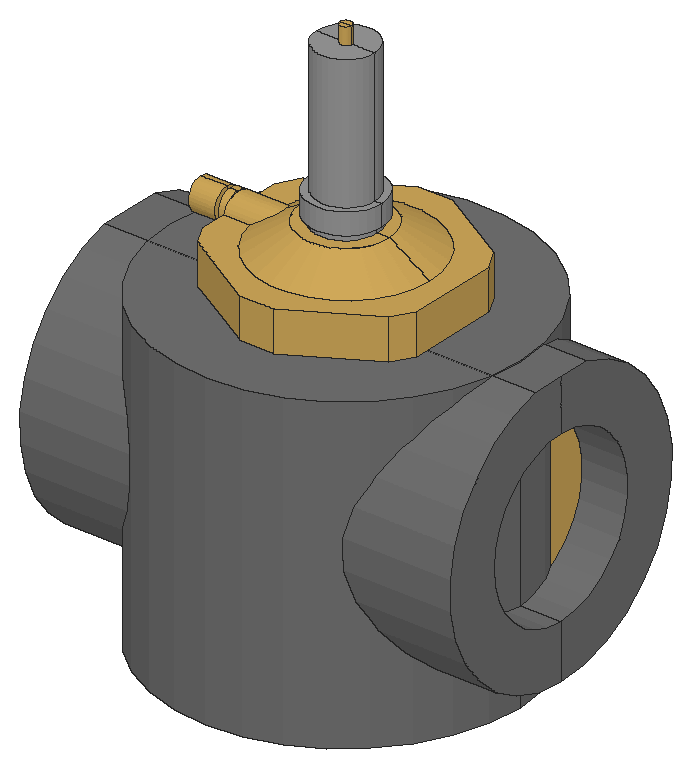
Revit family "Differenzdruckregler 4002 5-30kPa", category Rohrzubehör, Revit 2020
Family settings
  Bemaßung runder Anschluss = Durchmesser verwenden
  Teiletyp = Unterbricht
  OmniClass-Nummer = 23.65.55.14
  OmniClass-Titel = Valves for Liquid Services
  Arbeitsebenenbasiert = Nein
  Immer vertikal = Ja
  Beim Laden mit Abzugskörper schneiden = Nein
  Gemeinsam genutzt = Nein
Parameters (values of type "Mit Dämmung")
  y4 [instance] = y2 - K14  # 56.000 mm
  y3 [instance] = y2 - K14  # 56.000 mm
  y2 [instance] = K14 + K9 + H01  # 72.649 mm
  y1 [instance] = (R03 * 2) + R05  # 140.000 mm
  Vorgabe-Ansicht = 0.000 mm
  PN = 16  # constant formula
  Min. Betriebstemperatur (Frostschutz) = -20 °C  # constant formula
  Max. zulässige Betriebstemperatur bis DN32 = 130 °C  # constant formula
  Max. zulässige Betriebstemperatur DN40 - DN50 = 110 °C  # constant formula
  Max. Differenzdruck am Gehäuse = 400000.0 Pa  # constant formula
  Max. Betriebsdruck = 1600000.0 Pa  # constant formula
  Ventilschaft = "Edelstahl 14301"  # constant formula
  VRL01 = 30.000 mm  # constant formula
  V12 = 17.000 mm  # constant formula
  V10 = 16.000 mm  # constant formula
  V08 [instance] = G01 + 3.000 mm  # 38.000 mm
  V03 [instance] = G01 + 5.000 mm  # 40.000 mm
  V02 [instance] = V01 + 4.500 mm  # 29.500 mm
  V01 [instance] = Nennweite / 2  # 25.000 mm
  URL = "www.herz-armaturen.at"
  SCRNSEQ = "ARM;ARM_TYP=\"DIFR\";2"
  SCRNCODE = "05;03;4"  # constant formula
  S07 = 10.000 mm  # constant formula
  S05 [instance] = S01 - 1.000 mm  # 25.000 mm
  S04 [instance] = S02 - 1.000 mm  # 27.000 mm
  S03 [instance] = size_lookup("4002 5-30kPa", "S03", 26.500 mm, Nennweite)  # 37.700 mm
  S02 [instance] = size_lookup("4002 5-30kPa", "S02", 19.000 mm, Nennweite)  # 28.000 mm
  S01 [instance] = size_lookup("4002 5-30kPa", "S01", 14.850 mm, Nennweite)  # 26.000 mm
  Regleranschlussmutter = "Messing CW614N"  # constant formula
  Regelbereich = "5 - 30kPa"  # constant formula
  R06 [instance] = size_lookup("4002 5-30kPa", "R06", 14.500 mm, Nennweite)  # 14.500 mm
  R05 [instance] = size_lookup("4002 5-30kPa", "R05", 41.000 mm, Nennweite)  # 104.000 mm
  R04 [instance] = size_lookup("4002 5-30kPa", "R04", 12.500 mm, Nennweite)  # 14.500 mm
  R03 [instance] = size_lookup("4002 5-30kPa", "R03", 8.000 mm, Nennweite)  # 18.000 mm
  R02 = 14.500 mm  # constant formula
  R01 [instance] = size_lookup("4002 5-30kPa", "R01", 11.500 mm, Nennweite)  # 37.600 mm
  Min. Betriebstemperatur (reines Wasser) = 2 °C  # constant formula
  O-Ringe = "EPDM"  # constant formula
  Nennweite [instance] = 50.000 mm
  Membrangehäuse = "Messing CW602N"  # constant formula
  Membrane = "EPDM"  # constant formula
  Medium = "Wasserbeschaffenheit nach ÖNORM H 5195 und VDI 2035\r\nDie Verwendung von Ethylen- und Propylenglykol ist im\r\nMischungsverhältnis 25 - 50 Vol.-% zulässig."
  L07 [instance] = size_lookup("4002 5-30kPa", "L07", 28.500 mm, Nennweite)  # 70.000 mm
  L [instance] = size_lookup("4002 5-30kPa", "L", 66.000 mm, Nennweite)  # 140.000 mm
  K9 = 4.000 mm  # constant formula
  K8 = 55.000 mm  # constant formula
  K7 = 8.700 mm  # constant formula
  K6 = 11.700 mm  # constant formula
  K5 = 13.000 mm  # constant formula
  K4 = 12.000 mm  # constant formula
  K3 = 15.000 mm  # constant formula
  K2 = 2.350 mm  # constant formula
  K18 = 89.000 mm  # constant formula
  K17 = 66.700 mm  # constant formula
  K16 = 3.000 mm  # constant formula
  K15 = 26.649 mm  # constant formula
  K14 = 16.649 mm  # constant formula
  K13 = 16.649 mm  # constant formula
  K12 = 10.000 mm  # constant formula
  K11 = 35.000 mm  # constant formula
  K10 = 18.250 mm  # constant formula
  K1.1 = 2.350 mm  # constant formula
  K1 = 7.651 mm - 1.000 mm  # 6.651 mm
  J9 = 15.700 mm  # constant formula
  J8 = 7.850 mm  # constant formula
  J7 = 15.897 mm  # constant formula
  J6 = 3.900 mm  # constant formula
  J5 = 6.500 mm  # constant formula
  J4 = 1.500 mm  # constant formula
  J3 = 3.200 mm  # constant formula
  J2 = 11.000 mm  # constant formula
  J11 = 3.500 mm  # constant formula
  J10 = 18.897 mm  # constant formula
  J1 = 6.500 mm  # constant formula
  Hersteller = "HERZ-Armaturen Ges.m.b.H"  # constant formula
  H2 [instance] = size_lookup("4002 5-30kPa", "H2", 28.000 mm, Nennweite)  # 58.000 mm
  H1 [instance] = K1 + K2 + K3 + K4 + K5 + K7 + K8 + K16 + 16.650 mm  # 132.351 mm
  H04 = 4.000 mm  # constant formula
  H03 = 9.800 mm  # constant formula
  H02 [instance] = size_lookup("4002 5-30kPa", "H02", 53.000 mm, Nennweite)  # 107.000 mm
  H01 [instance] = size_lookup("4002 5-30kPa", "H01", 25.000 mm, Nennweite)  # 52.000 mm
  Gehäuse = "DZR Messing CC770S"  # constant formula
  G01 [instance] = size_lookup("4002 5-30kPa", "G01", 13.220 mm, Nennweite)  # 35.000 mm
  Einstellspindel = "Messing CW614N"  # constant formula
  Hinweise zum Material = "Gemäß Art 33 der REACH-Verordnung (EG Nr. 1907/2006) sind wir verpflichtet, darauf hinzuweisen,\r\ndass der Stoff Blei auf der SVHC-Liste geführt wird und dass alle aus Messing bestehenden Bauteile,\r\ndie in unseren Erzeugnissen verarbeitet sind, mehr als 0,1 % (w/w) Blei (CAS: 7439-92-1 / EINECS:\r\n231-100-4) enthalten. Da Blei als Legierungsbestandteil fest gebunden ist, sind keine Expositionen zu\r\nerwarten und daher sind keine zusätzlichen Angaben zur sicheren Verwendung notwendig.\r\n\r\nIm Hanf enthaltenes Ammoniak schädigt\r\nMessingventilgehäuse, EPDM Dichtungen werden durch\r\nMineralöle bzw. mineralölhaltige Schmierstoffe aufgequollen\r\nund führen somit zum Ausfall der EPDM-Dichtungen. Für\r\nFrost- und Korrosionsschutzmittel auf der Basis von Ethylen- und Propylenglykol sind die entsprechenden\r\nAngaben den Unterlagen des Herstellers zu entnehmen."
  Dämmung = yes
  Dämmschale = "EPP (expandiertes Polypropylen)"  # constant formula
  Druckfeder = "Federstahl 14310 NS"  # constant formula
  D07 [instance] = if(Nennweite = 15.000 mm, 32.000 mm, if(Nennweite = 20.000 mm, 33.000 mm, if(Nennweite = 25.000 mm, 33.000 mm, if(Nennweite = 32.000 mm, 49.000 mm, if(Nennweite = 40.000 mm, 57.560 mm, if(Nennweite = 50.000 mm, 57.560 mm, 0.000 mm))))))  # 57.560 mm
  D06 [instance] = if(Nennweite = 15.000 mm, 32.000 mm, if(Nennweite = 20.000 mm, 33.000 mm, if(Nennweite = 25.000 mm, 33.000 mm, if(Nennweite = 32.000 mm, 49.000 mm, if(Nennweite = 40.000 mm, 57.560 mm, if(Nennweite = 50.000 mm, 57.560 mm, 0.000 mm))))))  # 57.560 mm
  D05 [instance] = if(Nennweite = 15.000 mm, 36.750 mm, if(Nennweite = 20.000 mm, 40.700 mm, if(Nennweite = 25.000 mm, 49.200 mm, if(Nennweite = 32.000 mm, 54.150 mm, if(Nennweite = 40.000 mm, 60.750 mm, if(Nennweite = 50.000 mm, 72.700 mm, 0.000 mm))))))  # 72.700 mm
  D04 [instance] = if(Nennweite = 15.000 mm, 78.500 mm, if(Nennweite = 20.000 mm, 82.000 mm, if(Nennweite = 25.000 mm, 84.000 mm, if(Nennweite = 32.000 mm, 120.000 mm, if(Nennweite = 40.000 mm, 130.000 mm, if(Nennweite = 50.000 mm, 130.500 mm, 0.000 mm))))))  # 130.500 mm
  D03 [instance] = if(Nennweite = 15.000 mm, 96.000 mm, if(Nennweite = 20.000 mm, 110.000 mm, if(Nennweite = 25.000 mm, 112.000 mm, if(Nennweite = 32.000 mm, 152.000 mm, if(Nennweite = 40.000 mm, 170.000 mm, if(Nennweite = 50.000 mm, 179.000 mm, 0.000 mm))))))  # 179.000 mm
  D01 [instance] = size_lookup("4002 5-30kPa", "G01", 13.220 mm, Nennweite)  # 35.000 mm
  DN50 [instance] = Nennweite = 50.000 mm  # yes
  DN40 [instance] = Nennweite = 40.000 mm  # no
  DN32-40 [instance] = or(Nennweite = 32.000 mm, Nennweite = 40.000 mm)  # no
  DN32 [instance] = Nennweite = 32.000 mm  # no
  DN25 [instance] = Nennweite = 25.000 mm  # no
  DN20 [instance] = Nennweite = 20.000 mm  # no
  DN15-25 [instance] = or(Nennweite = 15.000 mm, Nennweite = 20.000 mm, Nennweite = 25.000 mm)  # no
  DN15,20,25,32,50 [instance] = or(Nennweite = 15.000 mm, Nennweite = 20.000 mm, Nennweite = 25.000 mm, Nennweite = 32.000 mm, Nennweite = 50.000 mm)  # yes
  DN15 [instance] = Nennweite = 15.000 mm  # no
  D02 [instance] = size_lookup("4002 5-30kPa", "R05", 41.000 mm, Nennweite)  # 104.000 mm
  Bestellnummer Dämmung [instance] = if(and(Dämmung, Nennweite = 15.000 mm), 1409611, if(and(Dämmung, Nennweite = 20.000 mm), 1409612, if(and(Dämmung, Nennweite = 25.000 mm), 1409613, if(and(Dämmung, Nennweite = 32.000 mm), 1409614, if(and(Dämmung, Nennweite = 40.000 mm), 1409615, if(and(Dämmung, Nennweite = 50.000 mm), 1409616, 0))))))  # 1409616
  Bestellnummer [instance] = size_lookup("4002 5-30kPa", "Artnr", 0, Nennweite)  # 1400246
  B2 [instance] = size_lookup("4002 5-30kPa", "B2", 31.000 mm, Nennweite)  # 41.000 mm
  B1 [instance] = size_lookup("4002 5-30kPa", "B1", 26.000 mm, Nennweite)  # 41.000 mm
  B04 = 100.649 mm  # constant formula
  B03 = 44.500 mm  # constant formula
  B02 = 104.688 mm  # constant formula
  B01 = 10.000 mm  # constant formula
  Anzeigehülse = "Kunststoff (Rot)"  # constant formula
  Anwendungsgebiet = "Der Differenzdruckregler ist ein Regler mit linearer Kennlinie in Geradsitzausführung und arbeitet ohne\r\nHilfsenergie. Der gewünschte Differenzdruck-Sollwert kann zwischen 5 und 30 kPa; 25 und 60 kPa bzw.\r\n45 und 80 kPa stufenlos eingestellt werden. Der eingestellte Wert ist mit Hilfe des Einstelldiagrammes\r\nablesbar. Werksseitig ist der Sollwert auf Minimum eingestellt. Der erforderliche Sollwert wird mit dem\r\nEinstellwerkzeug (1 4006 02) eingestellt. Im Lieferumfang enthalten ist die Impulsleitung (1000 mm),\r\ndiese ist im Vorlauf einzubinden."
  Anschlussnippel = "Messing CW602N"  # constant formula
Types (2, lengths in mm): name | Dämmung | Bestellnummer Dämmung
  Mit Dämmung | yes | 1409616
  Ohne Dämmung | no | 0
Reference planes
  plane 1 "Mitte (Vorne/hinten)": y = 0
  plane 2: z = 0
  plane 3 "Mitte (Links/rechts)": x = 0
Forms (mm)
  Revolve 1, solid, material "Messing, weicher Gelbton, geschweißt", detail levels fine
    sketch origin (0, 0, 0) x (1, 0, 0) y (0, 0, 1)
      loop
        line (-70, 0) -> (70, 0) -> (70, 35) -> (52, 35) -> (52, 37.6) -> (-52, 37.6) -> (-52, 35) -> (-70, 35) -> (-70, 0)
      axis (-70, 0) -> (70, 0)
    angle from 0 to 360
  Revolve 2, solid, material "Messing, weicher Gelbton, geschweißt", detail levels fine
    sketch origin (0, 0, 0) x (1, 0, 0) y (0, 0, 1)
      loop
        line (0, -58) -> (0, 0) -> (-27, 0) -> (-27, -48.2) -> (-28, -48.2) -> (-28, -58) -> (0, -58)
      axis (0, 0) -> (0, -58)
    angle from 0 to 360
  Extrusion 3, solid, material "Messing, weicher Gelbton, geschweißt", detail levels fine
    sketch origin (0, 0, 0) x (0, -1, 0) y (1, 0, 0)
      loop
        line (-46, -7.038) -> (-27.114, -39.75) -> (-18.886, -44.5) -> (18.886, -44.5) -> (27.114, -39.75) -> (46, -7.038) -> (46, 7.038) -> (27.114, 39.75) -> (18.886, 44.5) -> (-18.886, 44.5) -> (-27.114, 39.75) -> (-46, 7.038) -> (-46, -7.038)
    from 56 to 72.649
  Revolve 4, solid, material "Messing, weicher Gelbton, geschweißt", detail levels fine
    sketch origin (0, 0, -7.051) x (1, 0, 0) y (0, 0, 1)
      loop
        line (0, 79.7) -> (0, 89.7) -> (-18.25, 89.7) -> (-35, 79.7) -> (0, 79.7)
      axis (0, 89.7) -> (0, 79.7)
    angle from 0 to 360
  Revolve 5, solid, material "Messing, weicher Gelbton, geschweißt", visible <- "DN15-25", detail levels fine
    sketch origin (-11, 0, 0) x (1, 0, 0) y (0, 1, 0)
      loop
        line (-3.5, 41) -> (-11.2, 41) -> (-11.2, 0) -> (-3.5, 0) -> (-3.5, 41)
      axis (-3.5, 0) -> (-3.5, 41)
    angle from 0 to 360
  Revolve 6, solid, material "Messing, weicher Gelbton, geschweißt", visible <- "DN15,20,25,32,50", detail levels fine
    sketch origin (-0.988, 0, -6.853) x (-1, 0, 0) y (0, 0, 1)
      loop
        line (43.5, 78.75) -> (59.2, 78.75) -> (59.2, 85.25) -> (48.2, 85.25) -> (48.2, 82.65) -> (46.7, 82.65) -> (46.7, 85.25) -> (43.5, 85.25) -> (43.5, 78.75)
      axis (43.5, 78.75) -> (59.2, 78.75)
    angle from 0 to 360
  Extrusion 7, solid, material "Messing, weicher Gelbton, geschweißt", visible <- "DN15,20,25,32,50", detail levels fine
    sketch origin (0, 0, 0) x (0, 1, 0) y (0, 0, -1)
      loop
        line (7.85, -70.547) -> (7.85, -59.5) -> (-7.85, -59.5) -> (-7.85, -70.547)
        arc (-7.85, -70.547) -> (0, -78.397) -> (7.85, -70.547) r 7.85
    from 0 to 44.5
  Revolve 8, solid, material "Kunststoff rot", detail levels fine
    sketch origin (0, 0, 0) x (1, 0, 0) y (0, 0, 1)
      loop
        line (-12, 149.349) -> (-12, 94.349) -> (-15, 94.349) -> (-15, 85.649) -> (-13, 85.649) -> (-13, 82.649) -> (0, 82.649) -> (0, 149.349) -> (-12, 149.349)
      axis (0, 149.349) -> (0, 82.649)
    angle from 0 to 360
  Revolve 9, solid, material "Messing, weicher Gelbton, geschweißt", visible <- "DN15-25", detail levels fine
    sketch origin (-2, 0, 0) x (1, 0, 0) y (0, 1, 0)
      loop
        line (-12.5, 0) -> (-21.5, 0) -> (-21.5, -41) -> (-12.5, -41) -> (-12.5, 0)
      axis (-12.5, 0) -> (-12.5, -41)
    angle from 0 to 360
  Revolve 10, solid, material "Messing, weicher Gelbton, geschweißt", visible <- "DN15-25", detail levels fine
    sketch origin (2, 0, 0) x (1, 0, 0) y (0, 1, 0)
      loop
        line (12.5, 0) -> (12.5, -41) -> (21.6, -41) -> (21.6, 0) -> (12.5, 0)
      axis (12.5, 0) -> (12.5, -41)
    angle from 0 to 360
  Extrusion 11, solid, material "Messing, weicher Gelbton, geschweißt", visible <- "DN32", detail levels fine
    sketch origin (-31.5, 0, 0) x (1, 0, 0) y (0, 1, 0)
      loop
        circle (63, 0) r 6.578
      loop
        circle (63, 0) r 3.28
    from -47 to 0
  Extrusion 12, solid, material "Messing, weicher Gelbton, geschweißt", visible <- "DN32", detail levels fine
    sketch origin (31.5, 0, 0) x (-1, 0, 0) y (0, -1, 0)
      loop
        circle (63, 0) r 6.578
      loop
        circle (63, 0) r 3.28
    from -47 to 0
  Revolve 13, solid, material "Messing, weicher Gelbton, geschweißt", detail levels fine
    sketch origin (0, 0, 0) x (1, 0, 0) y (0, 0, 1)
      loop
        line (-25, 0) -> (0, 0) -> (0, 56) -> (-21, 56) -> (-21, 52) -> (-26, 52) -> (-26, 42.2) -> (-25, 42.2) -> (-25, 0)
      axis (0, 56) -> (0, 0)
    angle from 0 to 360
  Extrusion 14, solid, material "Messing, weicher Gelbton, geschweißt", visible <- "DN40", detail levels fine
    sketch origin (29.382, 0, 0) x (-1, 0, 0) y (0, -1, 0)
      loop
        circle (63, 0) r 6.578
      loop
        circle (63, 0) r 3.28
    from -58 to 0
  Extrusion 15, solid, material "Messing, weicher Gelbton, geschweißt", visible <- "DN40", detail levels fine
    sketch origin (-29.455, 0, 0) x (1, 0, 0) y (0, 1, 0)
      loop
        circle (63, 0) r 6.578
      loop
        circle (63, 0) r 3.28
    from -58 to 0
  Extrusion 16, solid, material "Messing, weicher Gelbton, geschweißt", visible <- "DN50", detail levels fine
    sketch origin (28.422, 0, 0) x (-1, 0, 0) y (0, -1, 0)
      loop
        circle (63, 0) r 6.578
      loop
        circle (63, 0) r 3.28
    from -58 to 0
  Extrusion 17, solid, material "Messing, weicher Gelbton, geschweißt", visible <- "DN50", detail levels fine
    sketch origin (-28.422, 0, 0) x (1, 0, 0) y (0, 1, 0)
      loop
        circle (63, 0) r 6.578
      loop
        circle (63, 0) r 3.28
    from -58 to 0
  Revolve 18, solid, material "Messing, weicher Gelbton, geschweißt", detail levels fine
    sketch origin (0, 0, 0) x (1, 0, 0) y (0, 0, 1)
      loop
        line (-2.35, 148.349) -> (0, 148.349) -> (0, 156) -> (-2.35, 156) -> (-2.35, 148.349)
      axis (0, 156) -> (0, 148.349)
    angle from 0 to 360
  Revolve 19, solid, material "Messing, weicher Gelbton, geschweißt", visible <- "DN32-40", detail levels fine
    sketch origin (-11, 0, 0) x (1, 0, 0) y (0, 1, 0)
      loop
        line (-3.5, -41) -> (-3.5, 0) -> (-11.2, 0) -> (-11.2, -41) -> (-3.5, -41)
      axis (-3.5, 0) -> (-3.5, -41)
    angle from 0 to 360
  Extrusion 20, solid, material "Messing, weicher Gelbton, geschweißt", visible <- "DN40", detail levels fine
    sketch origin (0, 0, 0) x (0, 1, 0) y (0, 0, 1)
      loop
        arc (7.85, 74.047) -> (0, 81.897) -> (-7.85, 74.047) r 7.85
        line (-7.85, 74.047) -> (-7.85, 63) -> (7.85, 63) -> (7.85, 74.047)
    from 0 to 44.5
  Revolve 21, solid, material "Messing, weicher Gelbton, geschweißt", visible <- "DN40", detail levels fine
    sketch origin (0.988, 0, -6.853) x (1, 0, 0) y (0, 0, 1)
      loop
        line (43.5, 82.25) -> (59.2, 82.25) -> (59.2, 88.75) -> (48.2, 88.75) -> (48.2, 86.15) -> (46.7, 86.15) -> (46.7, 88.75) -> (43.5, 88.75) -> (43.5, 82.25)
      axis (43.5, 82.25) -> (59.2, 82.25)
    angle from 0 to 360
  Revolve 22, solid, material "Messing, weicher Gelbton, geschweißt", not visible, detail levels fine
    sketch origin (16.501, 0, 0) x (-1, 0, 0) y (0, 0, 1)
      loop
        line (86.501, 0) -> (116.501, 0) -> (116.501, 25) -> (99.501, 25) -> (99.501, 29.5) -> (90.501, 29.5) -> (90.501, 40) -> (83.501, 40) -> (83.501, 38) -> (68.501, 38) -> (68.501, 35) -> (86.501, 35) -> (86.501, 0)
      axis (68.501, 0) -> (116.501, 0)
    angle from 0 to 360
  Revolve 23, solid, material "Messing, weicher Gelbton, geschweißt", not visible, detail levels fine
    sketch origin (-16.501, 0, 0) x (1, 0, 0) y (0, 0, 1)
      loop
        line (86.501, 0) -> (116.501, 0) -> (116.501, 25) -> (99.501, 25) -> (99.501, 29.5) -> (90.501, 29.5) -> (90.501, 40) -> (83.501, 40) -> (83.501, 38) -> (68.501, 38) -> (68.501, 35) -> (86.501, 35) -> (86.501, 0)
      axis (68.501, 0) -> (116.501, 0)
    angle from 0 to 360
  Revolve 24, solid, material "Kunststoff-Anthrazit/Schwarz", visible <- "Dämmung", detail levels fine
    sketch origin (0, 0, 0) x (1, 0, 0) y (0, 0, 1)
      loop
        line (89.5, 57.56) -> (-89.5, 57.56) -> (-89.5, 35) -> (-52, 35) -> (-52, 0) -> (0, 0) -> (52, 0) -> (52, 35) -> (89.5, 35) -> (89.5, 57.56)
      axis (-89.5, 0) -> (89.5, 0)
    angle from 0 to 360
  Revolve 25, solid, material "Kunststoff-Anthrazit/Schwarz", visible <- "Dämmung", detail levels fine
    sketch origin (0, 0, 0) x (1, 0, 0) y (0, 0, 1)
      loop
        line (0, 57.56) -> (0, -72.94) -> (72.7, -72.94) -> (72.7, 57.56) -> (0, 57.56)
      axis (0, -72.94) -> (0, 57.56)
    angle from 0 to 360
  Extrusion 26, void
    sketch origin (-250.451, -32.5, 0) x (1, 0, 0) y (0, 1, 0)
      loop
        line (153.352, -86.003) -> (360.451, -86.003) -> (360.451, 115.627) -> (153.352, 115.627) -> (153.352, -86.003)
    from 56 to 72.649
  Extrusion 27, void
    sketch origin (-295.468, -55, 0) x (1, 0, 0) y (0, 1, 0)
      loop
        line (159.813, -75.595) -> (420.468, -75.595) -> (420.468, 210) -> (159.813, 210) -> (159.813, -75.595)
    from 56 to 72.649
Cuts and joins
  Extrusion 26 cuts Revolve 24
  Extrusion 27 cuts Revolve 25
Lines and regions (mm)
  model lines, detail levels coarse+medium
    curve 1: line (70, -35, 0) -> (70, 35, 0)
    curve 2: line (70, 35, 0) -> (-70, -35, 0)
    curve 3: line (-70, -35, 0) -> (-70, 35, 0)
    curve 4: line (-70, 35, 0) -> (70, -35, 0)
    curve 5: line (0, -42, 0) -> (0, -56, 0)
    curve 6: spline (-44.5, -64.324, 0) -> (-42.984, -62.17, 0) -> (-38.538, -60.162, 0) -> (-31.466, -58.438, 0) -> (-22.25, -57.115, 0) -> (-11.517, -56.284, 0) -> (0, -56, 0) -> (11.517, -56.284, 0) -> (22.25, -57.115, 0) -> (31.466, -58.438, 0) -> (38.538, -60.162, 0) -> (42.984, -62.17, 0) -> (44.5, -64.325, 0) -> (42.984, -66.479, 0) -> (38.538, -68.487, 0) -> (31.466, -70.211, 0) -> (22.25, -71.534, 0) -> (11.517, -72.365, 0) -> (0, -72.649, 0) -> (-11.517, -72.365, 0) -> (-22.25, -71.534, 0) -> (-31.466, -70.211, 0) -> (-38.538, -68.487, 0) -> (-42.984, -66.479, 0) -> (-44.5, -64.324, 0)
    curve 7: line (-70, 0, 35) -> (-70, 0, -35)
    curve 8: line (-70, 0, -35) -> (70, 0, 35)
    curve 10: line (70, 0, -35) -> (-70, 0, 35)
    curve 11: line (0, 0, 35) -> (0, 0, 56)
    curve 12: spline (-44.5, 0, 64.325) -> (-42.984, 0, 66.479) -> (-38.538, 0, 68.487) -> (-31.466, 0, 70.211) -> (-22.25, 0, 71.534) -> (-11.517, 0, 72.365) -> (0, 0, 72.649) -> (11.517, 0, 72.365) -> (22.25, 0, 71.534) -> (31.466, 0, 70.211) -> (38.538, 0, 68.487) -> (42.984, 0, 66.479) -> (44.5, 0, 64.324) -> (42.984, 0, 62.17) -> (38.538, 0, 60.162) -> (31.466, 0, 58.438) -> (22.25, 0, 57.115) -> (11.517, 0, 56.284) -> (0, 0, 56) -> (-11.517, 0, 56.284) -> (-22.25, 0, 57.115) -> (-31.466, 0, 58.438) -> (-38.538, 0, 60.162) -> (-42.984, 0, 62.17) -> (-44.5, 0, 64.325)
    curve 13: line (0, 0, 35) -> (35, 0, 17.5)
    curve 14: line (0, 0, 35) -> (-35, 0, 17.5)
    curve 15: line (70, 0, 0) -> (100, 0, 0)
    curve 16: line (0, -42, 0) -> (-18.2, -9.1, 0)
    curve 17: line (0, -42, 0) -> (18.2, -9.1, 0)
    curve 22: line (70, 0, 35) -> (80, 0, 35)
    curve 23: line (80, 0, 35) -> (70, 0, 0)
    curve 24: line (70, 0, 0) -> (100, 0, 0)
    curve 25: line (70, 0, -35) -> (80, 0, -35)
    curve 26: line (80, 0, -35) -> (70, 0, 0)
    curve 27: line (-70, 35, 0) -> (-80, 35, 0)
    curve 28: line (-80, 35, 0) -> (-70, 0, 0)
    curve 29: line (-70, -35, 0) -> (-80, -35, 0)
    curve 30: line (-80, -35, 0) -> (-70, 0, 0)
    curve 31: line (70, -35, 0) -> (70, 35, 0)
    curve 32: line (70, 35, 0) -> (80, 35, 0)
    curve 33: line (80, 35, 0) -> (70, 0, 0)
    curve 34: line (70, -35, 0) -> (80, -35, 0)
    curve 35: line (80, -35, 0) -> (70, 0, 0)
  model lines, detail levels coarse
    curve 9: line (70, 0, 35) -> (70, 0, -35)
    curve 18: line (-70, 0, 35) -> (-80, 0, 35)
    curve 19: line (-80, 0, 35) -> (-70, 0, 0)
    curve 20: line (-70, 0, -35) -> (-80, 0, -35)
    curve 21: line (-80, 0, -35) -> (-70, 0, 0)
  model lines
    curve 36: line (0, 0, 0) -> (0, -37.5, 0)
    curve 37: line (0, 0, 0) -> (0, -61.5, 0)
Dimensions and locks
  "G01": Revolve 1 sketch curve to Revolve 1 sketch curve  (x2)
  "R01": Revolve 1 sketch curve to Revolve 1 sketch curve
  "R03": Revolve 1 sketch curve to Revolve 1 sketch curve  (x2)
  "K10": Revolve 4 sketch curve to Revolve 4 sketch curve
  "K11": Revolve 4 sketch curve to Revolve 4 sketch curve
  "B1": Revolve 5 sketch curve to Revolve 5 sketch curve
  "J1": Revolve 6 sketch curve to Revolve 6 sketch curve
  "J3": Revolve 6 sketch curve to Revolve 6 sketch curve
  "J4": Revolve 6 sketch curve to Revolve 6 sketch curve
  "J2": Revolve 6 sketch curve to Revolve 6 sketch curve
  "J5": Revolve 6 sketch curve to Revolve 6 sketch curve
  "J6": Revolve 6 sketch curve to Revolve 6 sketch curve
  "H2": plane 2 to Revolve 2 sketch curve
  "H03": Revolve 2 sketch curve to Revolve 2 sketch curve
  "S02": plane 3 "Mitte (Links/rechts)" to Revolve 2 sketch curve
  "B02": Revolve 6 to Extrusion 3
  "B03": Extrusion 3 to plane 3 "Mitte (Links/rechts)"
  "R04": Revolve 5 sketch curve to plane 3 "Mitte (Links/rechts)"
  "K4": Revolve 8 sketch curve to Revolve 8 sketch curve
  "K3": Revolve 8 sketch curve to Revolve 8 sketch curve
  "K7": Revolve 8 sketch curve to Revolve 8 sketch curve
  "K5": Revolve 8 sketch curve to Revolve 8 sketch curve
  "K8": Revolve 8 sketch curve to Revolve 8 sketch curve
  "K12": Revolve 4 sketch curve to Revolve 4 sketch curve
  "K13": Revolve 4 sketch curve to Extrusion 3
  "K14": Extrusion 3 to Extrusion 3
  "K16": Revolve 8 sketch curve to Revolve 8 sketch curve
  "K15": Revolve 8 to Extrusion 3
  "R05": Revolve 1 sketch curve to Revolve 1 sketch curve
  plane 3 "Mitte (Links/rechts)" to Revolve 1 sketch curve = 70.000 mm
  Revolve 1 sketch curve to plane 3 "Mitte (Links/rechts)" = 70.000 mm
  equal spacing: Revolve 1 sketch curve, plane 3 "Mitte (Links/rechts)", Revolve 1 sketch curve
  "B2": plane 1 "Mitte (Vorne/hinten)" to Revolve 9 sketch curve
  "B2": Revolve 10 sketch curve to plane 1 "Mitte (Vorne/hinten)"
  "R06": Revolve 9 sketch curve to plane 3 "Mitte (Links/rechts)"
  "R06": plane 3 "Mitte (Links/rechts)" to Revolve 10 sketch curve
  "S01": Revolve 13 sketch curve to plane 3 "Mitte (Links/rechts)"
  "S05": plane 3 "Mitte (Links/rechts)" to Revolve 13 sketch curve
  "H04": Revolve 13 sketch curve to Revolve 13 sketch curve
  "H03": Revolve 13 sketch curve to Revolve 13 sketch curve
  "H01": Revolve 13 sketch curve to plane 2
  "K9": Extrusion 3 to Revolve 13
  Revolve 2 sketch curve to Revolve 2 sketch curve = 1.000 mm
  "J7": Revolve 6 sketch curve to Extrusion 3
  "J9": Extrusion 7 sketch curve to Extrusion 7 sketch curve
  "J10": Revolve 6 to Extrusion 7 sketch curve
  "J11": Extrusion 7 sketch curve to Extrusion 3
  equal spacing: curve 7, curve 6, curve 9
  "K18": Extrusion 3 to Extrusion 3
  equal spacing: curve 7, curve 14, curve 14
  equal spacing: curve 14, curve 13, curve 9
  "G01": curve 10 to plane 2
  "G01": plane 2 to curve 8
  "G01": curve 9 to plane 2
  "G01": plane 2 to curve 10
  "K18": curve 12 to curve 12
  "y1": curve 7 to curve 9
  "G01": curve 14 to plane 2
  "K14": curve 12 to curve 12
  "y2": curve 12 to plane 2
  "G01": plane 1 "Mitte (Vorne/hinten)" to curve 4
  "G01": curve 3 to plane 1 "Mitte (Vorne/hinten)"
  equal spacing: curve 3, curve 12, curve 1
  equal spacing: curve 3, curve 17, curve 1
  "y1": curve 3 to curve 1
  "G01": plane 1 "Mitte (Vorne/hinten)" to curve 2
  "G01": curve 4 to plane 1 "Mitte (Vorne/hinten)"
  "K18": curve 6 to curve 6
  "K14": curve 6 to curve 6
  "y2": curve 6 to plane 1 "Mitte (Vorne/hinten)"
  "K1": Revolve 18 sketch curve to Revolve 8
  "K1.1": plane 3 "Mitte (Links/rechts)" to Revolve 18 sketch curve
  "B1": Revolve 19 sketch curve to Revolve 19 sketch curve
  "R04": Revolve 19 sketch curve to plane 3 "Mitte (Links/rechts)"
  Revolve 18 to Revolve 2 = 214.000 mm
  "J9": Extrusion 20 sketch curve to Extrusion 20 sketch curve
  "J1": Revolve 21 sketch curve to Revolve 21 sketch curve
  "J3": Revolve 21 sketch curve to Revolve 21 sketch curve
  "J4": Revolve 21 sketch curve to Revolve 21 sketch curve
  "J2": Revolve 21 sketch curve to Revolve 21 sketch curve
  "J5": Revolve 21 sketch curve to Revolve 21 sketch curve
  "J6": Revolve 21 sketch curve to Revolve 21 sketch curve
  "R03": Revolve 22 sketch curve to Revolve 22 sketch curve
  "V12": Revolve 22 sketch curve to Revolve 22 sketch curve
  "VRL01": Revolve 22 sketch curve to Revolve 22 sketch curve
  "V10": Revolve 22 sketch curve to Revolve 22 sketch curve
  "V01": Revolve 22 sketch curve to plane 2
  "V02": Revolve 22 sketch curve to plane 2
  "G01": Revolve 22 sketch curve to plane 2
  "V08": Revolve 22 sketch curve to plane 2
  "V03": Revolve 22 sketch curve to plane 2
  "L07": Revolve 22 to plane 3 "Mitte (Links/rechts)"
  "R03": Revolve 23 sketch curve to Revolve 23 sketch curve
  "V12": Revolve 23 sketch curve to Revolve 23 sketch curve
  "VRL01": Revolve 23 sketch curve to Revolve 23 sketch curve
  "V10": Revolve 23 sketch curve to Revolve 23 sketch curve
  "V01": Revolve 23 sketch curve to plane 2
  "V02": Revolve 23 sketch curve to plane 2
  "G01": Revolve 23 sketch curve to plane 2
  "V08": Revolve 23 sketch curve to plane 2
  "V03": Revolve 23 sketch curve to plane 2
  "L07": plane 3 "Mitte (Links/rechts)" to Revolve 23
  "S07": curve 21 to Revolve 1
  "S07": curve 19 to Revolve 22
  "S07": Revolve 23 to curve 23
  "S07": Revolve 23 to curve 26
  "S07": curve 28 to curve 3
  "S07": curve 30 to curve 3
  "S07": curve 31 to curve 33
  "S07": curve 31 to curve 35
  equal spacing: Revolve 24 sketch curve, plane 3 "Mitte (Links/rechts)", Revolve 24 sketch curve  (x2)
  "D01": Revolve 24 sketch curve to plane 2  (x2)
  "D02": Revolve 24 sketch curve to Revolve 24 sketch curve
  "D03": Revolve 24 sketch curve to Revolve 24 sketch curve
  "D04": Revolve 25 sketch curve to Revolve 25 sketch curve
  "D05": Revolve 25 sketch curve to plane 3 "Mitte (Links/rechts)"
  "D06": Revolve 25 sketch curve to plane 2
  plane 2 to Revolve 25 sketch curve = 72.940 mm
  "K9": Extrusion 26 to Revolve 13
  "K14": Extrusion 26 to Extrusion 26
  "K14": Extrusion 27 to Extrusion 27
  "K9": Extrusion 27 to Revolve 13
  "D07": Revolve 24 sketch curve to plane 2
  "J8": radius of Extrusion 7 sketch curve
  "J8": radius of Extrusion 20 sketch curve
  aligned and locked: level to plane 2
Automatic sketch dimensions
  plane 3 "Mitte (Links/rechts)" to Extrusion 3 sketch curve = 7.038 mm  (x2)
  Extrusion 3 sketch curve to plane 1 "Mitte (Vorne/hinten)" = 46.000 mm
  Extrusion 3 sketch curve to plane 1 "Mitte (Vorne/hinten)" = 27.114 mm  (x2)
  Extrusion 3 sketch curve to Extrusion 3 sketch curve = 8.227 mm  (x4)
  plane 1 "Mitte (Vorne/hinten)" to Extrusion 3 sketch curve = 18.886 mm  (x2)
  Extrusion 3 sketch curve to Extrusion 3 sketch curve = 18.886 mm
  Extrusion 3 sketch curve to plane 3 "Mitte (Links/rechts)" = 7.038 mm  (x2)
  Extrusion 3 sketch curve to Extrusion 3 sketch curve = 32.712 mm  (x4)
  Extrusion 3 sketch curve to Extrusion 3 sketch curve = 4.750 mm  (x2)
  Extrusion 11 sketch curve to Extrusion 11 sketch curve = 0.000 mm  (x2)
  plane 1 "Mitte (Vorne/hinten)" to Extrusion 11 sketch curve = 0.000 mm
  plane 3 "Mitte (Links/rechts)" to Extrusion 11 sketch curve = 31.500 mm
  Extrusion 12 sketch curve to Extrusion 12 sketch curve = 0.000 mm  (x2)
  plane 1 "Mitte (Vorne/hinten)" to Extrusion 12 sketch curve = 0.000 mm
  plane 3 "Mitte (Links/rechts)" to Extrusion 12 sketch curve = 31.500 mm
  Extrusion 14 sketch curve to Extrusion 14 sketch curve = 0.000 mm  (x2)
  plane 1 "Mitte (Vorne/hinten)" to Extrusion 14 sketch curve = 0.000 mm
  plane 3 "Mitte (Links/rechts)" to Extrusion 14 sketch curve = 33.618 mm
  Extrusion 15 sketch curve to Extrusion 15 sketch curve = 0.000 mm  (x2)
  plane 1 "Mitte (Vorne/hinten)" to Extrusion 15 sketch curve = 0.000 mm
  plane 3 "Mitte (Links/rechts)" to Extrusion 15 sketch curve = 33.545 mm
  Extrusion 16 sketch curve to Extrusion 16 sketch curve = 0.000 mm  (x2)
  plane 1 "Mitte (Vorne/hinten)" to Extrusion 16 sketch curve = 0.000 mm
  plane 3 "Mitte (Links/rechts)" to Extrusion 16 sketch curve = 34.578 mm
  Extrusion 17 sketch curve to Extrusion 17 sketch curve = 0.000 mm  (x2)
  plane 1 "Mitte (Vorne/hinten)" to Extrusion 17 sketch curve = 0.000 mm
  plane 3 "Mitte (Links/rechts)" to Extrusion 17 sketch curve = 34.578 mm
  curve 37 to plane 1 "Mitte (Vorne/hinten)" = 0.000 mm
  curve 36 to curve 36 = 37.500 mm
  curve 37 to curve 36 = 24.000 mm
  curve 36 to level = 0.000 mm
  plane 1 "Mitte (Vorne/hinten)" to Extrusion 26 sketch curve = 118.503 mm
  Extrusion 26 sketch curve to plane 1 "Mitte (Vorne/hinten)" = 83.127 mm
  Extrusion 26 sketch curve to plane 3 "Mitte (Links/rechts)" = 97.099 mm
  Extrusion 26 sketch curve to Extrusion 26 sketch curve = 207.099 mm
  plane 1 "Mitte (Vorne/hinten)" to Extrusion 27 sketch curve = 130.595 mm
  Extrusion 27 sketch curve to plane 1 "Mitte (Vorne/hinten)" = 155.000 mm
  Extrusion 27 sketch curve to plane 3 "Mitte (Links/rechts)" = 135.656 mm
  Extrusion 27 sketch curve to Extrusion 27 sketch curve = 260.656 mm
  curve 14 to plane 3 "Mitte (Links/rechts)" = 0.000 mm
  curve 12 to plane 3 "Mitte (Links/rechts)" = 0.000 mm
  curve 15 to level = 0.000 mm
  curve 24 to level = 0.000 mm
  curve 21 to level = 0.000 mm
  curve 19 to level = 0.000 mm
  curve 15 to curve 15 = 30.000 mm
  curve 24 to curve 15 = 0.000 mm
  plane 1 "Mitte (Vorne/hinten)" to curve 28 = 0.000 mm
  curve 17 to plane 3 "Mitte (Links/rechts)" = 0.000 mm
  curve 6 to plane 3 "Mitte (Links/rechts)" = 0.000 mm
  plane 1 "Mitte (Vorne/hinten)" to curve 33 = 0.000 mm
  curve 5 to curve 16 = 14.000 mm
  plane 1 "Mitte (Vorne/hinten)" to curve 16 = 9.100 mm
  plane 1 "Mitte (Vorne/hinten)" to curve 17 = 9.100 mm
  Revolve 1 sketch curve to level = 0.000 mm  (x2)
  Revolve 1 sketch curve to Revolve 1 sketch curve = 1473.530 mm
  Revolve 1 sketch curve to Revolve 1 sketch curve = 1806.148 mm
  Revolve 2 sketch curve to level = 0.000 mm
  Revolve 2 sketch curve to plane 3 "Mitte (Links/rechts)" = 0.000 mm  (x2)
  Revolve 2 sketch curve to Revolve 2 sketch curve = 1.000 mm
  Revolve 2 sketch curve to Revolve 2 sketch curve = 334.045 mm
  level to Revolve 2 sketch curve = 2218.015 mm
  Revolve 4 sketch curve to plane 3 "Mitte (Links/rechts)" = 0.000 mm  (x2)
  Revolve 4 sketch curve to level = 373.096 mm
  Revolve 4 sketch curve to Revolve 4 sketch curve = 2155.315 mm
  plane 1 "Mitte (Vorne/hinten)" to Revolve 5 sketch curve = 0.000 mm  (x2)
  Revolve 5 sketch curve to Revolve 5 sketch curve = 0.000 mm  (x2)
  Revolve 5 sketch curve to Revolve 5 sketch curve = 7.700 mm
  plane 3 "Mitte (Links/rechts)" to Revolve 6 sketch curve = 44.488 mm
  Revolve 6 sketch curve to Revolve 6 sketch curve = 0.000 mm  (x3)
  Extrusion 7 sketch curve to plane 1 "Mitte (Vorne/hinten)" = 0.000 mm
  Extrusion 7 sketch curve to Extrusion 7 sketch curve = 11.047 mm
  Extrusion 7 sketch curve to Extrusion 7 sketch curve = 0.000 mm
  Revolve 8 sketch curve to plane 3 "Mitte (Links/rechts)" = 0.000 mm  (x2)
  level to Revolve 8 sketch curve = 82.649 mm
  Revolve 8 sketch curve to Revolve 8 sketch curve = 0.000 mm  (x2)
  plane 1 "Mitte (Vorne/hinten)" to Revolve 9 sketch curve = 0.000 mm  (x2)
  Revolve 9 sketch curve to Revolve 9 sketch curve = 9.000 mm
  Revolve 9 sketch curve to Revolve 9 sketch curve = 0.000 mm  (x2)
  plane 1 "Mitte (Vorne/hinten)" to Revolve 10 sketch curve = 0.000 mm  (x2)
  Revolve 10 sketch curve to Revolve 10 sketch curve = 9.100 mm
  Revolve 10 sketch curve to Revolve 10 sketch curve = 0.000 mm  (x2)
  Revolve 13 sketch curve to level = 0.000 mm  (x2)
  Revolve 13 sketch curve to plane 3 "Mitte (Links/rechts)" = 0.000 mm  (x2)
  Revolve 13 sketch curve to Revolve 13 sketch curve = 5.000 mm
  Revolve 13 sketch curve to Revolve 13 sketch curve = 0.000 mm
  Revolve 18 sketch curve to plane 3 "Mitte (Links/rechts)" = 0.000 mm  (x2)
  Revolve 18 sketch curve to Revolve 18 sketch curve = 7.651 mm
  Revolve 18 sketch curve to Revolve 18 sketch curve = 0.000 mm  (x2)
  plane 1 "Mitte (Vorne/hinten)" to Revolve 19 sketch curve = 0.000 mm  (x2)
  Revolve 19 sketch curve to Revolve 19 sketch curve = 7.700 mm
  Revolve 19 sketch curve to Revolve 19 sketch curve = 0.000 mm  (x2)
  Extrusion 20 sketch curve to plane 1 "Mitte (Vorne/hinten)" = 0.000 mm
  level to Extrusion 20 sketch curve = 63.000 mm
  Extrusion 20 sketch curve to Extrusion 20 sketch curve = 11.047 mm
  Extrusion 20 sketch curve to Extrusion 20 sketch curve = 0.000 mm
  plane 3 "Mitte (Links/rechts)" to Revolve 21 sketch curve = 44.488 mm
  level to Revolve 21 sketch curve = 75.397 mm
  Revolve 21 sketch curve to Revolve 21 sketch curve = 0.000 mm  (x3)
  Revolve 22 sketch curve to level = 0.000 mm  (x2)
  plane 3 "Mitte (Links/rechts)" to Revolve 22 sketch curve = 52.000 mm
  Revolve 22 sketch curve to Revolve 22 sketch curve = 4.000 mm
  Revolve 22 sketch curve to Revolve 22 sketch curve = 0.000 mm  (x2)
  Revolve 23 sketch curve to level = 0.000 mm  (x2)
  plane 3 "Mitte (Links/rechts)" to Revolve 23 sketch curve = 52.000 mm
  Revolve 23 sketch curve to Revolve 23 sketch curve = 4.000 mm
  Revolve 23 sketch curve to Revolve 23 sketch curve = 0.000 mm  (x2)
  Revolve 24 sketch curve to level = 0.000 mm  (x2)
  Revolve 24 sketch curve to plane 3 "Mitte (Links/rechts)" = 0.000 mm
  Revolve 24 sketch curve to Revolve 24 sketch curve = 0.000 mm  (x2)
  Revolve 25 sketch curve to plane 3 "Mitte (Links/rechts)" = 0.000 mm  (x2)
  Revolve 25 sketch curve to Revolve 25 sketch curve = 0.000 mm  (x2)
  radius of Extrusion 11 sketch curve = 6.578 mm
  radius of Extrusion 11 sketch curve = 3.280 mm
  radius of Extrusion 12 sketch curve = 6.578 mm
  radius of Extrusion 12 sketch curve = 3.280 mm
  radius of Extrusion 14 sketch curve = 6.578 mm
  radius of Extrusion 14 sketch curve = 3.280 mm
  radius of Extrusion 15 sketch curve = 6.578 mm
  radius of Extrusion 15 sketch curve = 3.280 mm
  radius of Extrusion 16 sketch curve = 6.578 mm
  radius of Extrusion 16 sketch curve = 3.280 mm
  radius of Extrusion 17 sketch curve = 6.578 mm
  radius of Extrusion 17 sketch curve = 3.280 mm
Nested families
  nested 1: "Herz-Logo-vorne" at (-0.018, 17.815, -12.904) x (0, -1, 0) z (0, 0, 1), type "Herz-Logo-vorne", detail levels fine
  nested 2: "Herz-Logo-vorne" at (-0.018, 29.612, 0) x (0, -1, 0) z (0, 0, 1), visible <- "DN32", type "Herz-Logo-vorne", detail levels fine
  nested 3: "Herz-Logo-vorne" at (-0.018, 38.665, 0) x (0, -1, 0) z (0, 0, 1), visible <- "DN40", type "Herz-Logo-vorne", detail levels fine
  nested 4: "Herz-Logo-vorne" at (-0.018, 36.048, 0) x (0, -1, 0) z (0, 0, 1), visible <- "DN50", type "Herz-Logo-vorne", detail levels fine
  nested 5: "Herz-Logo-vorne" at (-0.018, 38.665, 0) x (0, -1, 0) z (0, 0, 1), visible <- "DN50", type "Herz-Logo-vorne", detail levels fine
Connectors
  piping at (-70, 0, 0), diameter 50, driven by "Nennweite"
    settings: on Revolve 1, index 1, connector inside diameter 609.6 mm, connector length 0.000 mm, flow factor 0, pipe flow 0.0 L/s, pressure drop 0.0 Pa, fitting loss kfactor 0, connector angle 0.00°, fixture units 0, engagement length 0.000 mm, angle of deflection 0.00°, flow configuration 0, flow direction 1, fitting loss method 0, system type 7, joint type 0, gender type 0, connector reference index -1, connector utility 0, adjustable connector no, is connector primary yes, connector description ""
  piping at (70, 0, 0), diameter 50, driven by "Nennweite"
    settings: on Revolve 1, index 2, connector inside diameter 609.6 mm, connector length 0.000 mm, flow factor 0, pipe flow 0.0 L/s, pressure drop 0.0 Pa, fitting loss kfactor 0, connector angle 0.00°, fixture units 0, engagement length 0.000 mm, angle of deflection 0.00°, flow configuration 0, flow direction 2, fitting loss method 0, system type 29, joint type 0, gender type 0, connector reference index -1, connector utility 0, adjustable connector no, is connector primary no, connector description ""
Definition of nested family "Herz-Logo-vorne"
  Parameters (values of type "Herz-Logo-vorne")
    Default Elevation = 0.000 mm
  Reference planes
    plane 1 "Mitte (Vorne/hinten)": y = 0
    plane 2: z = 0
    plane 3 "Mitte (Links/rechts)": x = 0
  Forms (mm)
    Extrusion 1, solid
      sketch origin (0.732, -0.018, 0.017) x (0, -1, 0) y (0, 0, 1)
        loop
          line (-0.018, -4.517) -> (4.482, -4.517) -> (4.482, 4.483) -> (-4.518, 4.483) -> (-4.518, -4.517) -> (-0.018, -4.517)
        loop
          line (-0.05, -3.48) -> (3.482, -3.48) -> (3.482, 3.483) -> (-3.518, 3.483) -> (-3.518, -3.48) -> (-0.05, -3.48)
        loop
          arc (-0.018, 2.383) -> (-1.543, 3.287) -> (-3.067, 2.383) r 1.738
          arc (-3.067, 2.383) -> (-3.191, 1.899) -> (-3.067, 1.415) r 1.009
          line (-3.067, 1.415) -> (-0.018, -3.281) -> (3.032, 1.415)
          arc (3.032, 1.415) -> (3.156, 1.899) -> (3.032, 2.383) r 1.009
          arc (3.032, 2.383) -> (1.507, 3.287) -> (-0.018, 2.383) r 1.738
        loop
          arc (1.885, 1.272) -> (2.005, 1.675) -> (1.885, 2.079) r 0.74
          arc (1.885, 2.079) -> (1.265, 2.416) -> (0.644, 2.079) r 0.74
          line (0.644, 2.079) -> (-0.018, 0.97) -> (-0.679, 2.079)
          arc (-0.679, 2.079) -> (-1.3, 2.416) -> (-1.921, 2.079) r 0.74
          arc (-1.921, 2.079) -> (-2.04, 1.675) -> (-1.921, 1.272) r 0.74
          line (-1.921, 1.272) -> (-0.018, -1.658) -> (1.885, 1.272)
      from 0 to 1.5
  Dimensions and locks
    aligned and locked: level to plane 2
